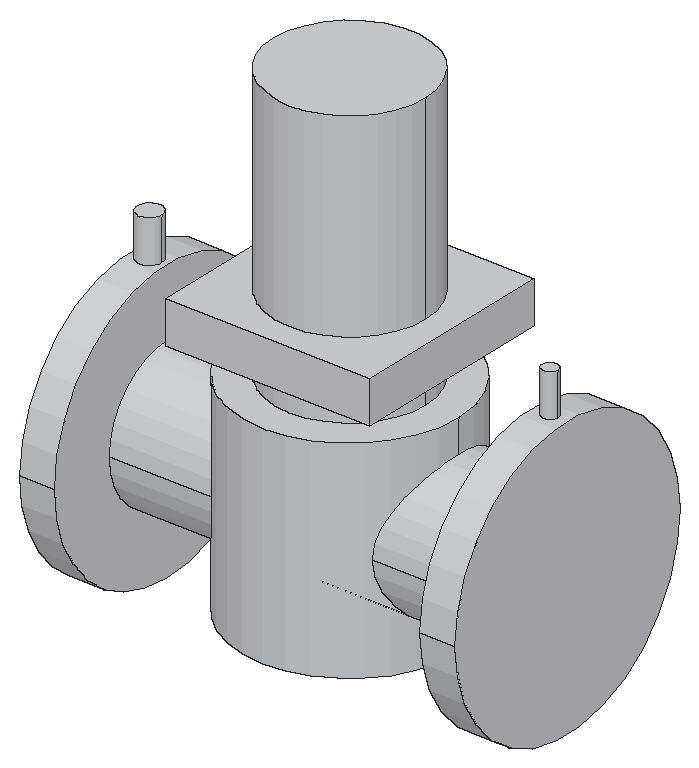
Revit family "PV_Compact_PN16_DN080_(20-100kPa)_RFA_2019", category Pipe Accessories, Revit 2019
Family settings
  Round Connector Dimension = Use Diameter
  Part Type = Valve - Breaks Into
  Work Plane-Based = No
  Always vertical = Yes
  Cut with Voids When Loaded = No
  Shared = No
Parameters (values of type "PV Compact PN16 DN080 (20-100kPa)")
  magiProductId = "fe1ae4728650433e927a6ac465ecb1"
  magiProductFamilyId = "23d1f353e6b1477a88f64fef0dfa1d"
  magiPartTypeId = 304
  isMeasuringValve [instance] = no
  ang2D [instance] = 0.00°
  W2D = 50 mm
  VersionID = "2.0/2018.12.13.2/FRESE_PV_COMPACT_BIG_Q13_001"
  Use Minimum Symbol Size [instance] = no
  URL = "www.hydronic.cz"
  Type Comments = "PŘÍRUBOVÝ; PN16; dpmax=1000kPa; -10~+120°C"
  R4 = 54.25 mm
  R3 = 52 mm
  R1 = 77.5 mm
  QmdConnectorList = "301;D;302;D"
  Productdata [instance] = ""
  Manufacturer = "Hydronic Systems Prague s.r.o."
  Maintenance Zone Under Depth [instance] = 100 mm
  Maintenance Zone Right Depth [instance] = 100 mm
  Maintenance Zone Over Depth [instance] = 100 mm
  Maintenance Zone Left Depth [instance] = 100 mm
  Maintenance Zone Front Depth [instance] = 100 mm
  Maintenance Zone Back Depth [instance] = 100 mm
  Maintenance Zone Front Visibility [instance] = no
  MC Use Limits From Balancing Method = no
  MC Throttling Minimum Value = 0
  MC Throttling Maximum Value = 0
  MC Product Code = "53-3306 DN80 PN16; nastavitelný rozsah dp=20~100kPa; Q=7,5~30 m3/h;  kvs=67"
  MC Pressure Drop Minimum Value = 0.0 Pa
  MC Pressure Drop Maximum Value = 0.0 Pa
  MC Piping Given Pressure Drop [instance] = 0.0 Pa
  LF__ve = -LF  # -24.8 mm
  LF2 = 12.4 mm
  LF = 24.8 mm
  L4 = 145.7 mm
  L3 = 260.4 mm
  L2D_Min = 30.48 mm
  L2D = 230 mm
  L2 = 155 mm
  H6 = 141 mm
  H4 = 30 mm
  H3 = 25 mm
  H2 = 75 mm
  H1 = 150 mm
  Description = "Nastavitelný regulátor tlakové diference"
  DF2 = 100 mm
  D = 80 mm
  Clearance Zone Height Depth [instance] = 100 mm
  Clearance Zone Circular Radius [instance] = 155 mm
  Clearance Zone Visibility [instance] = no
  CAT0 = yes
Types (7, lengths in mm): name | magiProductId | Type Comments | R4 | R3 | R1 | MC Product Code | LF__ve | LF2 | LF | L4 | L3 | L2 | H6 | H4 | H3 | H2 | H1 | DF2 | D | Clearance Zone Circular Radius
  PV Compact PN16 DN050 (20-100kPa) | "00877ad72a9f485bb97ca64af9b4c2" | "PŘÍRUBOVÝ; PN16; dpmax=1000kPa; -10~+120°C" | 40.25 | 42.9 | 57.5 | "53-3300 DN50 PN16; nastavitelný rozsah dp=20~100kPa; Q=3,2~13 m3/h;  kvs=29" | -18.4 | 9.2 | 18.4 | 108.1 | 193.2 | 115 | 82.25 | 24.75 | 20.625 | 61.875 | 123.75 | 82.5 | 50 | 115
  PV Compact PN16 DN065 (20-100kPa) | "4caf92840fdb43d88ad3b460526bbd" | "PŘÍRUBOVÝ; PN16; dpmax=1000kPa; -10~+120°C" | 50.75 | 48.1 | 72.5 | "53-3303 DN65 PN16; nastavitelný rozsah dp=20~100kPa; Q=4,7~18,8 m3/h;  kvs=42" | -23.2 | 11.6 | 23.2 | 136.3 | 243.6 | 145 | 105.25 | 27.75 | 23.125 | 69.375 | 138.75 | 92.5 | 65 | 145
  PV Compact PN16 DN080 (20-100kPa) | "fe1ae4728650433e927a6ac465ecb1" | "PŘÍRUBOVÝ; PN16; dpmax=1000kPa; -10~+120°C" | 54.25 | 52 | 77.5 | "53-3306 DN80 PN16; nastavitelný rozsah dp=20~100kPa; Q=7,5~30 m3/h;  kvs=67" | -24.8 | 12.4 | 24.8 | 145.7 | 260.4 | 155 | 141 | 30 | 25 | 75 | 150 | 100 | 80 | 155
  PV Compact PN16 DN100 (20-100kPa) | "9ee8abb4b353443d9e820e5bd3bf33" | "PŘÍRUBOVÝ; PN16; dpmax=1000kPa; -10~+120°C" | 61.25 | 61.1 | 87.5 | "53-3309 DN100 PN16; nastavitelný rozsah dp=20~100kPa; Q=12,9~51,4 m3/h;  kvs=115" | -28 | 14 | 28 | 164.5 | 294 | 175 | 234.75 | 35.25 | 29.375 | 88.125 | 176.25 | 117.5 | 100 | 175
  PV Compact PN16 DN125 (20-100kPa) | "e22e3bcdfcda477085ce507150ab41" | "PŘÍRUBOVÝ; PN16; dpmax=1000kPa; -10~+120°C" | 70 | 70.2 | 100 | "53-3312 DN125 PN16; nastavitelný rozsah dp=20~100kPa; Q=19,0~76,0 m3/h;  kvs=170" | -32 | 16 | 32 | 188 | 336 | 200 | 225.5 | 40.5 | 33.75 | 101.25 | 202.5 | 135 | 125 | 200
  PV Compact PN16 DN150 (20-100kPa) | "c042f62d475c462ea84624600fc620" | "PŘÍRUBOVÝ; PN16; dpmax=1000kPa; -10~+120°C" | 84 | 74.1 | 120 | "53-3315 DN150 PN16; nastavitelný rozsah dp=20~100kPa; Q=28,0~112 m3/h;  kvs=250" | -38.4 | 19.2 | 38.4 | 225.6 | 403.2 | 240 | 256.25 | 42.75 | 35.625 | 106.875 | 213.75 | 142.5 | 150 | 240
  PV Compact PN16 DN200 (20-100kPa) | "073b87d1a570497386745af6d59d88" | "PŘÍRUBOVÝ; PN16; dpmax=1000kPa; -10~+110°C" | 105 | 98.8 | 150 | "53-3318 DN200 PN16; nastavitelný rozsah dp=20~100kPa; Q=30,7~123 m3/h;  kvs=275" | -48 | 24 | 48 | 282 | 504 | 300 | 150 | 57 | 47.5 | 142.5 | 285 | 190 | 200 | 300
Reference planes
  plane 1 "Center (Front/Back)": y = 0
  plane 2 "XYPLANE": z = 0
  plane 3 "Center (Left/Right)": x = 0
  plane 4 "257": y = -100
  plane 5 "256": y = 100
  plane 6 "255": z = -100
  plane 7 "254": y = -200
  plane 8 "253": y = 200
  plane 9 "252": x = -255
  plane 10 "251": x = 255
  plane 11 "250": z = 371
  plane 12 "249": z = -200
  plane 13 "248": z = 371
  plane 14 "247": z = 271
  plane 15 "157": x = 142.6
  plane 16 "156": x = -142.6
  plane 17 "155": z = 100
  plane 18 "154": z = 130
  plane 19 "153": z = 100
  plane 20 "152": z = 75
  plane 21 "151": x = -130.2
  plane 22 "150": z = -75
  plane 23 "149": x = 0
  plane 24 "148": y = 0
  plane 25 "147": z = 0
  plane 26 "146": x = -155
  plane 27 "145": x = 155
Forms (mm)
  Blend 1, solid, visible <- "Maintenance Zone Front Visibility"
    base sketch origin (-750, 0, -200) x (1, 0, 0) y (0, 1, 0)
      loop
        line (495, 200) -> (495, -200) -> (1005, -200) -> (1005, 200) -> (495, 200)
    top sketch origin (-750, 0, -200) x (1, 0, 0) y (0, 1, 0)
      loop
        line (495, 200) -> (495, -200) -> (1005, -200) -> (1005, 200) -> (495, 200)
    from 0 to 571
  Blend 2, solid, visible <- "Clearance Zone Visibility"
    base sketch origin (-750, 0, 0) x (1, 0, 0) y (0, 1, 0)
      loop
        circle (750, 0) r 155
    top sketch origin (-750, 0, 0) x (1, 0, 0) y (0, 1, 0)
      loop
        circle (750, 0) r 155
    from 0 to 371
  Extrusion 3, solid, visible <- "CAT0"
    sketch origin (-750, 0, 100) x (1, 0, 0) y (0, 1, 0)
      loop
        circle (892.6, 0) r 5.5
    from 0 to 30
  Extrusion 4, solid, visible <- "CAT0"
    sketch origin (-750, 0, 100) x (1, 0, 0) y (0, 1, 0)
      loop
        circle (607.4, 0) r 8.7
    from 0 to 30
  Extrusion 5, solid
    sketch origin (-750, 0, 130) x (1, 0, 0) y (0, 1, 0)
      loop
        circle (750, 0) r 54.25
    from 0 to 141 <- "H6"
  Extrusion 6, solid, visible <- "CAT0"
    sketch origin (-750, 0, 100) x (1, 0, 0) y (0, 1, 0)
      loop
        line (822.85, 72.85) -> (677.15, 72.85) -> (677.15, -72.85) -> (822.85, -72.85) -> (822.85, 72.85)
    from 0 to 30 <- "H4"
  Extrusion 7, solid, visible <- "CAT0"
    sketch origin (-750, 0, 75) x (1, 0, 0) y (0, 1, 0)
      loop
        circle (750, 0) r 54.25
    from 0 to 25 <- "H3"
  Extrusion 8, solid, visible <- "CAT0"
    sketch origin (-130.2, -750, 0) x (0, 1, 0) y (0, 0, 1)
      loop
        circle (750, 0) r 52
    from 0 to 260.4 <- "L3"
  Extrusion 9, solid, visible <- "CAT0"
    sketch origin (-750, 0, -75) x (1, 0, 0) y (0, 1, 0)
      loop
        circle (750, 0) r 77.5
    from 0 to 150 <- "H1"
  Extrusion 10, solid, visible <- "CAT0"
    sketch origin (-155, -750, 0) x (0, 1, 0) y (0, 0, 1)
      loop
        circle (750, 0) r 100
    from 0 to 24.8 <- "LF"
  Extrusion 11, solid, visible <- "CAT0"
    sketch origin (155, -750, 0) x (0, 1, 0) y (0, 0, 1)
      loop
        circle (750, 0) r 100
    from 0 to -24.8 <- "LF__ve"
  Extrusion 12, solid, not visible
    sketch origin (-155, -750, 0) x (0, 1, 0) y (0, 0, 1)
      loop
        circle (750, 0) r 10
    from 0 to 10
  Extrusion 13, solid, not visible
    sketch origin (155, -750, 0) x (0, 1, 0) y (0, 0, 1)
      loop
        circle (750, 0) r 10
    from 0 to -10
Lines and regions (mm)
  reference lines, not visible
    curve 1: circle (2, 2, 0) r 1 normal (0, 0, 1)
  reference lines
    curve 2: circle (0, 0, 100) r 1 normal (0, 0, 1)
Dimensions and locks
  plane 1 "Center (Front/Back)" to curve 1 = 2 mm
  "DF2": plane 24 "148" to plane 4 "257"
  "DF2": plane 24 "148" to plane 5 "256"
  "DF2": plane 25 "147" to plane 6 "255"
  "Maintenance Zone Front Depth": plane 4 "257" to plane 7 "254"
  "Maintenance Zone Back Depth": plane 5 "256" to plane 8 "253"
  "Maintenance Zone Left Depth": plane 26 "146" to plane 9 "252"
  "Maintenance Zone Right Depth": plane 27 "145" to plane 10 "251"
  "Maintenance Zone Over Depth": plane 14 "247" to plane 11 "250"
  "Maintenance Zone Under Depth": plane 6 "255" to plane 12 "249"
  "Clearance Zone Height Depth": plane 14 "247" to plane 13 "248"
  "H6": plane 18 "154" to plane 14 "247"
  "LF2": plane 27 "145" to plane 15 "157"
  "LF2": plane 26 "146" to plane 16 "156"
  "DF2": plane 2 "XYPLANE" to plane 17 "155"
  "H4": plane 19 "153" to plane 18 "154"
  "H3": plane 20 "152" to plane 19 "153"
  "H1": plane 22 "150" to plane 20 "152"
  "LF": plane 26 "146" to plane 21 "151"
  "H2": plane 2 "XYPLANE" to plane 22 "150"
  locked: plane 3 "Center (Left/Right)" to plane 23 "149"
  locked: plane 1 "Center (Front/Back)" to plane 24 "148"
  locked: plane 2 "XYPLANE" to plane 25 "147"
  "L2": plane 3 "Center (Left/Right)" to plane 26 "146"
  "L2": plane 3 "Center (Left/Right)" to plane 27 "145"
  Blend 1 sketch curve to Blend 1 sketch curve = 0 mm  (x16)
  equal spacing: Extrusion 6 sketch curve, curve 2, Extrusion 6 sketch curve  (x2)
  "L4": Extrusion 6 sketch curve to Extrusion 6 sketch curve  (x2)
  Extrusion 6 sketch curve to Extrusion 6 sketch curve = 0 mm  (x8)
  "Clearance Zone Circular Radius": radius of Blend 2 sketch curve  (x2)
  "R4": radius of Extrusion 5 sketch curve
  "R4": radius of Extrusion 7 sketch curve
  "R3": radius of Extrusion 8 sketch curve
  "R1": radius of Extrusion 9 sketch curve
  "DF2": radius of Extrusion 10 sketch curve
  "DF2": radius of Extrusion 11 sketch curve
  aligned and locked: level to plane 2 "XYPLANE"
  aligned and locked: Blend 1 sketch curve to plane 8 "253"  (x2)
  aligned and locked: plane 9 "252" to Blend 1 sketch curve  (x4)
  aligned and locked: plane 10 "251" to Blend 1 sketch curve  (x4)
  aligned and locked: plane 8 "253" to Blend 1 sketch curve  (x2)
  aligned and locked: plane 7 "254" to Blend 1 sketch curve  (x4)
  aligned and locked: plane 11 "250" to Blend 1
  aligned and locked: plane 23 "149" to Blend 2 sketch curve  (x2)
  aligned and locked: plane 24 "148" to Blend 2 sketch curve  (x2)
  aligned and locked: plane 13 "248" to Blend 2
  aligned and locked: plane 15 "157" to Extrusion 3 sketch curve
  aligned and locked: plane 24 "148" to Extrusion 3 sketch curve
  aligned and locked: plane 16 "156" to Extrusion 4 sketch curve
  aligned and locked: plane 24 "148" to Extrusion 4 sketch curve
  aligned and locked: plane 23 "149" to Extrusion 5 sketch curve
  aligned and locked: plane 24 "148" to Extrusion 5 sketch curve
  aligned and locked: plane 23 "149" to curve 2
  aligned and locked: plane 24 "148" to curve 2
  aligned and locked: plane 23 "149" to Extrusion 7 sketch curve
  aligned and locked: plane 24 "148" to Extrusion 7 sketch curve
  aligned and locked: Extrusion 8 sketch curve to plane 24 "148"
  aligned and locked: plane 25 "147" to Extrusion 8 sketch curve
  aligned and locked: plane 23 "149" to Extrusion 9 sketch curve
  aligned and locked: plane 24 "148" to Extrusion 9 sketch curve
  aligned and locked: Extrusion 10 sketch curve to plane 24 "148"
  aligned and locked: plane 25 "147" to Extrusion 10 sketch curve
  aligned and locked: Extrusion 11 sketch curve to plane 24 "148"
  aligned and locked: plane 25 "147" to Extrusion 11 sketch curve
  aligned and locked: Extrusion 12 sketch curve to plane 24 "148"
  aligned and locked: plane 25 "147" to Extrusion 12 sketch curve
  aligned and locked: Extrusion 13 sketch curve to plane 24 "148"
  aligned and locked: plane 25 "147" to Extrusion 13 sketch curve
Automatic sketch dimensions
  Extrusion 3 sketch curve to plane 15 "157" = 5.5 mm
  plane 26 "146" to Extrusion 4 sketch curve = 3.7 mm
  plane 1 "Center (Front/Back)" to Extrusion 12 sketch curve = 10 mm
  plane 1 "Center (Front/Back)" to Extrusion 13 sketch curve = 10 mm
  plane 3 "Center (Left/Right)" to curve 1 = 2 mm
  Extrusion 6 sketch curve to plane 5 "256" = 27.15 mm
  plane 21 "151" to Extrusion 6 sketch curve = 57.35 mm
  radius of curve 2 = 1 mm
  radius of curve 1 = 1 mm
Connectors
  piping at (-155, 0, 0), diameter 80, driven by "D"
    settings: on Extrusion 12, index 1, connector inside diameter 609.6 mm, connector length 0 mm, flow factor 0, pipe flow 0.0 L/s, pressure drop 0.0 Pa, fitting loss kfactor 0, connector angle 0.00°, fixture units 0, engagement length 0 mm, angle of deflection 0.00°, flow configuration 0, flow direction 0, fitting loss method 0, system type 29, joint type 0, gender type 0, connector reference index 2, connector utility 0, adjustable connector no, is connector primary yes, connector description ""
  piping at (155, 0, 0), diameter 80, driven by "D"
    settings: on Extrusion 13, index 2, connector inside diameter 609.6 mm, connector length 0 mm, flow factor 0, pipe flow 0.0 L/s, pressure drop 0.0 Pa, fitting loss kfactor 0, connector angle 0.00°, fixture units 0, engagement length 0 mm, angle of deflection 0.00°, flow configuration 0, flow direction 0, fitting loss method 0, system type 29, joint type 0, gender type 0, connector reference index 1, connector utility 0, adjustable connector no, is connector primary no, connector description ""
